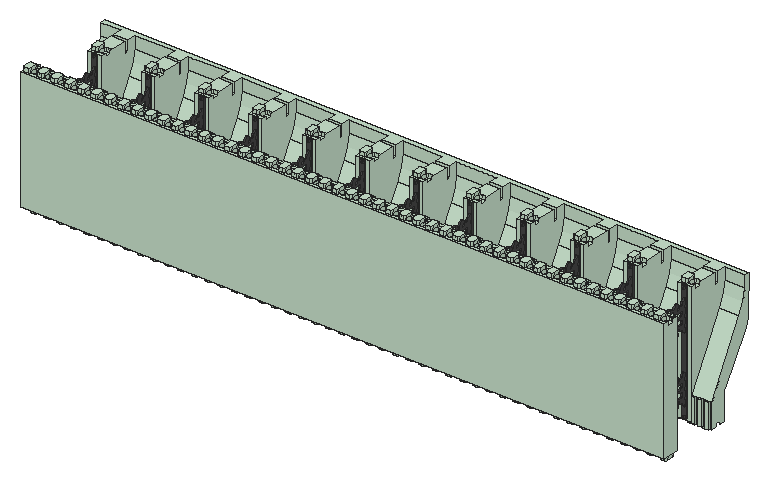
Revit family (continued)
Definition of nested family "NUDURA Brick Ledge Diamond Pattern"
  Lines and regions (in)
    model lines
      curve 46: arc (3.44206, -5.625, 0.92678) -> (3.36884, -5.625, 0.75) -> (3.44206, -5.625, 0.57322) r 0.25
      curve 47: line (3.81706, -5.625, 1.30178) -> (3.44206, -5.625, 0.92678)
      curve 48: arc (4.29059, -5.625, 3.14142) -> (4.23201, -5.625, 3) -> (4.29059, -5.625, 2.85858) r 0.2
      curve 49: line (3.72867, -5.625, 4.39017) -> (3.35367, -5.625, 4.01517)
      curve 50: arc (4.259, -5.625, 4.39017) -> (3.99384, -5.625, 4.5) -> (3.72867, -5.625, 4.39017) r 0.375
      curve 51: line (4.634, -5.625, 4.01517) -> (4.259, -5.625, 4.39017)
